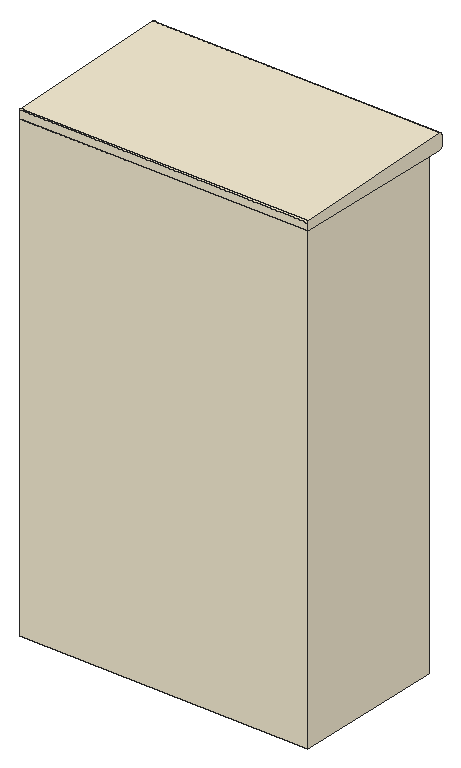
Revit family "Mailboxes_4C-Salsbury_Industries-Free_Standing-6_Door_High_Units", category Specialty Equipment, Revit 2016
Family settings
  Part Type = Normal
  Round Connector Dimension = Use Diameter
  OmniClass Number = 23.40.90.14.11
  OmniClass Title = Mail Boxes
  Work Plane-Based = No
  Always vertical = No
  Cut with Voids When Loaded = No
  Shared = No
  Room Calculation Point = No
Parameters (values of type "3906D-10")
  Width = 31.750"
  URL = "www.mailboxes.com"
  OmniClass 23 Title = "Mail Boxes"
  OmniClass 23 Number = "23.40.90.14.11"
  Visible Door Number [instance] = yes
  Vertical Center Divider = yes
  Version = "5.0 (01/01/21)"
  Type Comments = "Free-Standing 4C Standard Horizontal Mailbox - Front Loading"
  Top Back Plate = yes
  Right Inside Wall = yes
  Model = "3906D-10"
  MasterFormat Title = "Postal Specialties"
  MasterFormat Number = "10 55 00"
  Master Doors Open [instance] = 0.00°
  Master Door Rotation [instance] = if(Master Doors Open < 0.00°, 0.001°, if(Master Doors Open > 90.00°, 89.999°, if(Master Doors Open = 90.00°, 89.999°, Master Doors Open)))  # 0.00°
  Height = 52.875"
  Enclousre Opening - Width = 29.875"
  Enclosure Opening - Height = 22.62415"
  Door Rotation Limitation [instance] = if(Master Doors Open < 0.00°, 0.00°, if(Master Doors Open > 0.00°, 0.00°, Master Doors Open))  # 0.00°
  Manufacturer = "Salsbury Industries"
  Lock Material = Stainless Steel - Salsbury Finish -  Polished
  Left Inside Wall = yes
  Keynote = ""
  Front Panel Material [instance] = Painted Aluminum - Salsbury Finish - Sandstone
  Double Wide Hidden Components = yes
  Door Slot R6 Number [instance] = "10"
  Door Slot R6 = 3700 Series 4C Door Configurations : MB1 Door w/ Divider
  Door Slot R5 Number [instance] = "9"
  Door Slot R5 = 3700 Series 4C Door Configurations : MB1 Door w/ Divider
  Door Slot R4 Number [instance] = "0"
  Door Slot R4 = 3700 Series 4C OM2 Configuration : OM2-FL
  Door Slot R3 Number [instance] = "0"
  Door Slot R3 = 3700 Series 4C Door Configurations : Empty
  Door Slot R2 Number [instance] = "8"
  Door Slot R2 = 3700 Series 4C Door Configurations : MB1 Door w/ Divider
  Door Slot R1 Number [instance] = "7"
  Door Slot R1 = 3700 Series 4C Door Configurations : MB1 Door
  Door Slot L6 Number [instance] = "6"
  Door Slot L6 = 3700 Series 4C Door Configurations : MB1 Door w/ Divider
  Door Slot L5 Number [instance] = "5"
  Door Slot L5 = 3700 Series 4C Door Configurations : MB1 Door w/ Divider
  Door Slot L4 Number [instance] = "4"
  Door Slot L4 = 3700 Series 4C Door Configurations : MB1 Door w/ Divider
  Door Slot L3 Number [instance] = "3"
  Door Slot L3 = 3700 Series 4C Door Configurations : MB1 Door w/ Divider
  Door Slot L2 Number [instance] = "2"
  Door Slot L2 = 3700 Series 4C Door Configurations : MB1 Door w/ Divider
  Door Slot L1 Number [instance] = "1"
  Door Slot L1 = 3700 Series 4C Door Configurations : MB1 Door
  NoMasterDoors [instance] = no
  Master Door Control [instance] = if(NoMasterDoors, Door Rotation Limitation, Master Door Rotation)  # 0.00°
  Door Depth = 0.190"
  Description = "6 Door High Unit: 10 MB1, OM2"
  Depth = 18.500"
  4C Unit Depth = 16.450"
  Decals = Polycarbonate Film - Salsbury Finish - White
  Compartment Doors Open [instance] = 0.00°
  Compartment Door Rotation [instance] = if(Compartment Doors Open < 0.00°, 0.00°, if(Compartment Doors Open > 90.00°, 90.00°, Compartment Doors Open))  # 0.00°
  Center Extrusion Offset = 0.000"
  Center Divider Offset = 14.381"
  Bottom Back Plate = yes
  Back Enclosure Material = Aluminum Alloy - Salsbury Finish - Clear (No finish)
  Assembly Description = "Mailboxes"
  Assembly Code = "C1030910"
  AFF Top of Bottom Shelf [instance] = 29.000"
  AFF Bottom of Unit [instance] = AFF Top of Bottom Shelf - 2.059"  # 26.941"
  AFF Bottom of Doors [instance] = AFF Top of Bottom Shelf - 0.154"  # 28.846"
  4C Unit Width = 31.097"
  4C Unit Height = 23.88915"
Reference planes (in)
  plane 1 "Wall Centerline": y = -3
  plane 2 "Center (Left/Right)": x = 0
  plane 3 "Front": y = 0
  plane 4 "28" AFF": z = 28
  plane 5 "36" AFF": z = 36
  plane 6 "48" AFF": z = 48
  plane 7 "Bottom of Unit": z = 27.301
  plane 8 "Top of 4C Unit": z = 51.19015
  plane 9 "Left Side of Unit": x = 15.5485
  plane 10 "Right Side of Unit": x = -15.5485
  plane 11 "28" AFF_Bottom of Unit": z = 23.933
  plane 12 "Top Horiz Trim Align": z = 50.14554
  plane 13 "Bottom Horiz Trim Align": z = 28.34638
  plane 14 "Left Trim Align": x = 14.5035
  plane 15 "Right Trim Align": x = -14.5035
  plane 16 "Left Door Align": x = 13.6475
  plane 17 "Right Door Align": x = -13.6475
  plane 18 "Top Horiz Door Align": z = 49.596
  plane 19 "Bottom Horiz Door Align": z = 28.846
  plane 20 "Front Face of Unit": y = 0.265
  plane 21 "Top Housing Align": z = 50.43811
  plane 22 "Top Collar Align": z = 50.29011
  plane 23 "Top Box Align": z = 49.72124
  plane 24 "Vertical Housing Align": y = -1.205
  plane 25 "Vertical Collar Align": y = -2.205
  plane 26 "Back of 4C Unit": y = -16.185
  plane 27 "Bottom Housing Align": z = 28.05256
  plane 28 "Bottom Collar Align": z = 28.20056
  plane 29 "Bottom Box Align": z = 28.58138
  plane 30 "Door Alignment": y = -0.33191
  plane 31 "Right Housing Align": x = -14.79658
  plane 32 "Right Collar Align": x = -13.6475
  plane 33 "Right Box Side Align": x = -13.03558
  plane 34 "Left Housing Align": x = 14.79658
  plane 35 "Left Collar Align": x = 13.6475
  plane 36 "Left Side Box Align": x = 13.03558
  plane 37 "Top Back Plate Align": z = 48.97224
  plane 38 "Bottom Back Plate Align": z = 29.33038
  plane 39 "Center": y = -8.235
  plane 40 "RO Left Side": x = 14.9375
  plane 41 "RO Right Side": x = -14.9375
  plane 42 "RO Bottom": z = 27.934
  plane 43 "RO Top": z = 50.55815
  plane 44 "Horiz Centerline": z = 32.4705
  plane 45: z = 28.72038
  plane 46: x = 12.95458
  plane 47: x = 12.88233
  plane 48 "Center Extrusion": x = 0
  plane 49 "Center Extrusion Offset": x = 0
  plane 50 "Row 6 Top Align": z = 32.346
  plane 51 "Row 5 Top Align": z = 35.846
  plane 52 "Row 4 Top Align": z = 39.346
  plane 53 "Row 3 Top Align": z = 42.846
  plane 54 "Row 2 Top Align": z = 46.346
  plane 55 "Top Latch Align": z = 41.88315
  plane 56 "Right Latch Align": x = -0.7335
  plane 57 "Left Latch Align": x = 0.7335
  plane 58 "Latch Alignment Edge": x = -15.5485
  plane 59: x = -12.88258
  plane 60: x = -12.95458
  plane 61: y = -16.26703
  plane 62: x = -2.29612
  plane 63: x = -1.15702
  plane 64: x = 1.15617
  plane 65: x = 2.04167
  plane 66: y = -16.10297
  plane 67: x = -1.0775
  plane 68: x = 1.0775
  plane 69: z = 47.68524
  plane 70: z = 30.617
  plane 71: z = 49.76457
  plane 72: z = 28.77538
  plane 73: z = 49.82042
  plane 74: x = 1.11967
  plane 75: x = -1.12052
  plane 76: y = -1.126
  plane 77 "Back Center Divider": x = 0.7625
  plane 78: y = -6
  plane 79 "Single Column Unit Width": x = -6.70398
  plane 80 "Center Extrusion-right side": x = -1.077
  plane 81 "Center Extrusion-left side": x = 1.078
  plane 82 "Master Door Y Plane - Left": x = 14.32093
  plane 83 "Master Door X Plane": y = 0.07473
  plane 84 "Master Door Y Plane - Right": x = -14.3205
  plane 85 "Bottom Shelf AFF": z = 29
  plane 86: x = -15.8755
  plane 87: x = 15.8745
  plane 88 "Back of Enclosure": y = -16.735
  plane 89: x = -15.7945
  plane 90: x = 15.7935
  plane 91: y = -16.654
  plane 92: z = 51.11
  plane 93: z = 51.191
  plane 94: z = 0.081
  plane 95: z = 0
  plane 96 "Top of Unit": z = 52.875
  plane 97 "Front of Unit": y = 1.765
Forms (in)
  Extrusion 1, solid, material "Painted Aluminum - Salsbury Finish - Sandstone" <- "Front Panel Material"
    sketch origin (0, 0, -19.25) x (1, 0, 0) y (0, 0, 1)
      loop
        line (15.5485, 70.44015) -> (-15.5485, 70.44015) -> (-15.5485, 46.551) -> (15.5485, 46.551) -> (15.5485, 70.44015)
      loop
        line (14.5035, 69.39554) -> (-14.5035, 69.39554) -> (-14.5035, 47.59638) -> (14.5035, 47.59638) -> (14.5035, 69.39554)
    from -0.265 to 0
  Extrusion 2, solid, material "Painted Aluminum - Salsbury Finish - Sandstone" <- "Front Panel Material"
    sketch origin (-1.25, 0, 64.83475) x (1, 0, 0) y (0, 0, 1)
      loop
        line (-13.54658, -36.78219) -> (16.04658, -36.78219) -> (16.04658, -14.39664) -> (-13.54658, -14.39664) -> (-13.54658, -36.78219)
      loop
        line (-12.3975, -14.54464) -> (-12.3975, -36.63419) -> (14.8975, -36.63419) -> (14.8975, -14.54464) -> (-12.3975, -14.54464)
    from 0 to 1.205
  Extrusion 3, solid, material "Painted Aluminum - Salsbury Finish - Sandstone" <- "Front Panel Material"
    sketch origin (27.40758, -1.205, -36.66337) x (0, 0, 1) y (-1, 0, 0)
      loop
        line (64.86393, 41.05508) -> (64.86393, 13.76008) -> (86.95347, 13.76008) -> (86.95347, 41.05508) -> (64.86393, 41.05508)
      loop
        line (86.38461, 40.44316) -> (65.24475, 40.44316) -> (65.24475, 14.372) -> (86.38461, 14.372) -> (86.38461, 40.44316)
    from 0 to 1
  Extrusion 4, solid, material "Aluminum Alloy - Salsbury Finish - Clear (No finish)" <- "Back Enclosure Material"
    sketch origin (-1.83189, -1.205, -16.75) x (0, 0, 1) y (-1, 0, 0)
      loop
        line (66.47124, 11.20369) -> (45.33138, 11.20369) -> (45.33138, 11.12269) -> (66.47124, 11.12269) -> (66.47124, 11.20369)
    from 0 to 14.89797
  Extrusion 5, solid, material "Aluminum Alloy - Salsbury Finish - Clear (No finish)" <- "Back Enclosure Material", visible <- "Right Inside Wall"
    sketch origin (13.0175, -1.205, -16.75) x (0, 0, 1) y (-1, 0, 0)
      loop
        line (66.47124, 14.17452) -> (45.33138, 14.17452) -> (45.33138, 14.095) -> (66.47124, 14.095) -> (66.47124, 14.17452)
    from 0 to 14.89797
  Extrusion 6, solid, material "Aluminum Alloy - Salsbury Finish - Clear (No finish)" <- "Back Enclosure Material"
    sketch origin (1.79283, -1.205, -19.25) x (0, 0, 1) y (-1, 0, 0)
      loop
        line (68.97124, -11.24275) -> (68.97124, -11.16175) -> (47.83138, -11.16175) -> (47.83138, -11.24275) -> (68.97124, -11.24275)
    from 0 to 14.89797
  Extrusion 7, solid, material "Aluminum Alloy - Salsbury Finish - Clear (No finish)" <- "Back Enclosure Material", visible <- "Left Inside Wall"
    sketch origin (-11.7675, -1.205, -19.25) x (0, 0, 1) y (-1, 0, 0)
      loop
        line (68.97124, -12.92367) -> (68.97124, -12.845) -> (47.83138, -12.845) -> (47.83138, -12.92367) -> (68.97124, -12.92367)
    from 0 to 14.89797
  Extrusion 8, solid, material "Aluminum Alloy - Salsbury Finish - Clear (No finish)" <- "Back Enclosure Material"
    sketch origin (0, -16.185, -19.25) x (0, 0, 1) y (-1, 0, 0)
      loop
        line (68.97124, 13.03558) -> (47.83138, 13.03558) -> (47.83138, -13.03558) -> (68.97124, -13.03558) -> (68.97124, 13.03558)
    from -0.08203 to 0
  Extrusion 9, solid, material "Aluminum Alloy - Salsbury Finish - Clear (No finish)" <- "Back Enclosure Material"
    sketch origin (-2.5, 1.25, 0.0725) x (1, 0, 0) y (0, 1, 0)
      loop
        line (-10.45458, -2.455) -> (-10.45458, -17.35297) -> (15.45458, -17.35297) -> (15.45458, -2.455) -> (-10.45458, -2.455)
    from 28.64788 to 28.9275
  Extrusion 10, solid, material "Aluminum Alloy - Salsbury Finish - Clear (No finish)" <- "Back Enclosure Material", visible <- "Top Back Plate", detail levels medium+fine
    sketch origin (1.25, -16.185, -19.25) x (0, 0, 1) y (-1, 0, 0)
      loop
        line (68.22224, 3.54612) -> (66.93524, 3.54612) -> (66.93524, -0.79167) -> (68.22224, -0.79167) -> (68.22224, 3.54612)
    from 0 to 0.08203
  Extrusion 11, solid, material "Aluminum Alloy - Salsbury Finish - Clear (No finish)" <- "Back Enclosure Material", visible <- "Bottom Back Plate", detail levels medium+fine
    sketch origin (0, -16.185, 64.86475) x (0, 0, -1) y (1, 0, 0)
      loop
        line (35.53437, -2.29612) -> (35.53437, 2.04167) -> (34.24775, 2.04167) -> (34.24775, -2.29612) -> (35.53437, -2.29612)
    from 0 to 0.08203
  Extrusion 12, void
    sketch origin (0, 0, -16.5) x (0, 0, 1) y (0, 1, 0)
      loop
        line (66.22124, -1.205) -> (66.64554, -1.205) -> (66.64554, 0) -> (44.84638, 0) -> (44.84638, -1.205) -> (45.08138, -1.205) -> (45.08138, -16.185) -> (66.22124, -16.185) -> (66.22124, -1.205)
    from 1.077 to -1.078
  Extrusion 13, solid, material "Aluminum Alloy - Salsbury Finish - Clear (No finish)" <- "Back Enclosure Material", visible <- "Double Wide Hidden Components"
    sketch origin (-0.77934, 13.06, -16.75) x (0, 0, 1) y (1, 0, 0)
      loop
        line (66.47124, 1.93552) -> (45.33138, 1.93552) -> (45.33138, -0.37767) -> (66.47124, -0.37767) -> (66.47124, 1.93552)
    from -14.186 to -14.265
  Extrusion 14, solid, material "Aluminum Alloy - Salsbury Finish - Clear (No finish)" <- "Back Enclosure Material"
    sketch origin (1.25, 1.25, 54.19821) x (0, 1, 0) y (-1, 0, 0)
      loop
        line (-2.455, 14.20458) -> (-17.35297, 14.20458) -> (-17.35297, -11.70458) -> (-2.455, -11.70458) -> (-2.455, 14.20458)
    from -4.60221 to -4.47697
  Extrusion 15, solid, material "Painted Aluminum - Salsbury Finish - Sandstone" <- "Front Panel Material"
    sketch origin (0, -16.735, 0) x (1, 0, 0) y (0, 0, 1)
      loop
        line (15.8745, 51.191) -> (-15.8755, 51.191) -> (-15.8755, 0) -> (15.8745, 0) -> (15.8745, 51.191)
    from -16.735 to 0
  Extrusion 16, void
    sketch origin (0, -16.735, -19.25) x (1, 0, 0) y (0, 0, 1)
      loop
        line (15.5485, 70.44015) -> (-15.5485, 70.44015) -> (-15.5485, 46.551) -> (15.5485, 46.551) -> (15.5485, 70.44015)
    from -16.735 to -0.081
  Extrusion 17, solid, material "Painted Aluminum - Salsbury Finish - Sandstone" <- "Front Panel Material"
    sketch origin (-15.5485, 0, -16.75) x (0, 0, 1) y (0, 1, 0)
      loop
        line (67.941, 1.45465) -> (67.941, -16.735) -> (68.77894, -16.735)
        arc (68.77894, -16.735) -> (68.85645, -16.70289) -> (68.88856, -16.62537) r 0.10963
        line (68.88856, -16.62537) -> (69.625, 1.55035)
        arc (69.625, 1.55035) -> (69.51079, 1.70574) -> (69.32726, 1.765) r 0.31382
        line (69.32726, 1.765) -> (68.25135, 1.765)
        arc (68.25135, 1.765) -> (68.0319, 1.6741) -> (67.941, 1.45465) r 0.31035
    from -31.423 to 0.327
Cuts and joins
  Extrusion 12 cuts Extrusion 1
  Extrusion 12 cuts Extrusion 3
  Extrusion 12 cuts Extrusion 9
  Extrusion 12 cuts Extrusion 8
  Extrusion 12 cuts Extrusion 10
  Extrusion 12 cuts Extrusion 11
  Extrusion 12 cuts Extrusion 14
  Extrusion 16 cuts Extrusion 15
Lines and regions (in)
  model lines
    curve 1: line (15.5485, 0.265, 51.19015) -> (14.5035, 0.265, 50.14554)
    curve 2: line (-15.5485, 0.265, 51.19015) -> (-14.5035, 0.265, 50.14554)
    curve 3: line (-15.5485, 0.265, 27.301) -> (-14.5035, 0.265, 28.34638)
    curve 4: line (15.5485, 0.265, 27.301) -> (14.5035, 0.265, 28.34638)
  reference lines, not visible
    curve 5: line (13.6475, 0.07473, 27.301) -> (13.6475, 0.07473, 52.875)
    curve 12: line (14.32093, 0.07473, 27.301) -> (14.32093, 0.07473, 52.875)
    curve 13: line (14.32093, 0.07473, 27.301) -> (14.32093, -0.26698, 27.301)
    curve 14: line (14.32093, 0.07473, 27.301) -> (14.72347, 0.07473, 27.301)
  symbolic lines
    curve 6: line (-15.5485, 0.265, 28.846) -> (15.5485, 0.265, 28.846)
    curve 7: line (-15.5485, 0, 28.846) -> (-15.5485, 0.265, 28.846)
    curve 8: line (15.5485, 0.265, 28.846) -> (15.5485, 0, 28.846)
    curve 9: line (-13.6475, 0.265, 28.846) -> (-13.6475, 1.43, 28.846)
    curve 10: line (-13.6475, 1.43, 28.846) -> (-0.7335, 1.43, 28.846)
    curve 11: line (-0.7335, 1.43, 28.846) -> (-0.7335, 0.265, 28.846)
    curve 15: line (15.5485, -0.33191, 51.19015) -> (-15.5485, -0.33191, 51.19015)
    curve 16: line (15.5485, -0.33191, 27.301) -> (15.5485, -0.33191, 51.19015)
    curve 17: line (-15.5485, -0.33191, 27.301) -> (15.5485, -0.33191, 27.301)
    curve 18: line (-15.5485, -0.33191, 51.19015) -> (-15.5485, -0.33191, 27.301)
    curve 19: line (14.5035, -0.33191, 50.14554) -> (-14.5035, -0.33191, 50.14554)
    curve 20: line (14.5035, -0.33191, 28.34638) -> (14.5035, -0.33191, 50.14554)
    curve 21: line (-14.5035, -0.33191, 28.34638) -> (14.5035, -0.33191, 28.34638)
    curve 22: line (-14.5035, -0.33191, 50.14554) -> (-14.5035, -0.33191, 28.34638)
    curve 23: line (0, 0, 51.19015) -> (0, 0.265, 51.19015)
    curve 24: line (0, 0, 0) -> (0, 0, 51.19015)
    curve 25: line (0, 0.265, 27.301) -> (0, 0, 27.301)
    curve 26: line (0, 0.265, 51.19015) -> (0, 0.265, 27.301)
    curve 31: line (15.8745, -16.735, 51.191) -> (-15.8755, -16.735, 51.191)
    curve 32: line (15.8745, -16.735, 0) -> (15.8745, -16.735, 52.875)
    curve 33: line (-15.8755, -16.735, 0) -> (15.8745, -16.735, 0)
    curve 34: line (-15.8755, -16.735, 52.875) -> (-15.8755, -16.735, 0)
    curve 35: line (15.8745, 1.765, 51.19015) -> (-15.8755, 1.765, 51.19015)
    curve 36: line (15.8745, -16.735, 51.19015) -> (15.8745, 1.765, 51.19015)
    curve 37: line (-15.8755, 1.765, 51.19015) -> (-15.8755, -16.735, 51.19015)
    curve 38: line (-15.8755, -16.735, 51.19015) -> (15.8745, -16.735, 51.19015)
    curve 39: line (-13.6475, 1.45465, 51.191) -> (-13.6475, -16.735, 51.191)
    curve 40: line (-13.6475, -16.735, 52.07866) -> (-13.6475, -16.735, 0)
    curve 41: line (-13.6475, -16.735, 0) -> (-13.6475, 0, 0)
    curve 42: line (-15.8755, -16.735, 52.875) -> (15.8745, -16.735, 52.875)
    curve 43: arc (-14.5035, 1.765, 51.50135) -> (-14.5035, 1.6741, 51.2819) -> (-14.5035, 1.45465, 51.191) r 0.31035
    curve 44: line (-14.5035, 1.765, 51.50135) -> (-14.5035, 1.765, 52.57726)
    curve 45: arc (-14.5035, 1.55035, 52.875) -> (-14.5035, 1.70574, 52.76079) -> (-14.5035, 1.765, 52.57726) r 0.31382
    curve 46: line (-14.5035, 1.55035, 52.875) -> (-14.5035, -16.63424, 52.1382)
    curve 47: arc (-14.5035, -16.735, 52.02894) -> (-14.5035, -16.70597, 52.10325) -> (-14.5035, -16.63424, 52.1382) r 0.10963
  reference lines
    curve 27: line (-14.3205, 0.07473, 27.301) -> (-14.69923, 0.07473, 27.301)
    curve 28: line (-14.3205, 0.07473, 27.301) -> (-14.3205, -0.30114, 27.301)
    curve 29: line (-14.3205, 0.07473, 52.875) -> (-14.3205, 0.07473, 27.301)
    curve 30: line (-13.6475, 0.07473, 52.875) -> (-13.6475, 0.07473, 27.301)
Text (in)
  text "Placement Side" at (0, 40.15149, 123.01588), in view "Right"
  text "Placement Side" at (-58.6842, 42.74981, 0), in view "Ref. Level"
  text "Placement Side" at (0, 47.49176, 140.59947), in view "Left"
Dimensions and locks (in)
  "AFF Bottom of Doors": level to plane 19 "Bottom Horiz Door Align"
  locked: level to plane 4 "28" AFF" at 28
  locked: level to plane 5 "36" AFF" at 36
  locked: level to plane 6 "48" AFF" at 48
  locked: plane 7 "Bottom of Unit" to plane 19 "Bottom Horiz Door Align" at 1.545
  "4C Unit Height": plane 7 "Bottom of Unit" to plane 8 "Top of 4C Unit"
  plane 11 "28" AFF_Bottom of Unit" to plane 4 "28" AFF" = 4.067"
  locked: plane 18 "Top Horiz Door Align" to plane 12 "Top Horiz Trim Align" at 0.54954
  plane 4 "28" AFF" to level = 28.000"
  plane 5 "36" AFF" to level = 36.000"
  plane 6 "48" AFF" to level = 48.000"
  locked: plane 8 "Top of 4C Unit" to plane 23 "Top Box Align" at 1.46891
  locked: plane 23 "Top Box Align" to plane 37 "Top Back Plate Align" at 0.749
  locked: plane 38 "Bottom Back Plate Align" to plane 29 "Bottom Box Align" at 0.749
  locked: plane 7 "Bottom of Unit" to plane 42 "RO Bottom" at 0.633
  Extrusion 4 to Extrusion 4 = 0.081"
  Extrusion 6 to Extrusion 6 = 0.081"
  locked: plane 46 to plane 36 "Left Side Box Align" at 0.081
  locked: plane 47 to plane 46 at 0.07225
  "Center Extrusion Offset": plane 48 "Center Extrusion" to plane 49 "Center Extrusion Offset"
  plane 19 "Bottom Horiz Door Align" to plane 50 "Row 6 Top Align" to plane 51 "Row 5 Top Align" to plane 52 "Row 4 Top Align" to plane 53 "Row 3 Top Align" to plane 54 "Row 2 Top Align" = 3.500", 3.500" locked, 3.500" locked, 3.500" locked, 3.500" locked
  locked: plane 23 "Top Box Align" to plane 55 "Top Latch Align" at 7.83809
  plane 33 "Right Box Side Align" to plane 60 to plane 59 = 0.081" locked, 0.072" locked
  plane 61 to plane 26 "Back of 4C Unit" = 0.08203"
  plane 26 "Back of 4C Unit" to plane 66 = 0.08203"
  plane 62 to plane 63 to plane 75 to plane 67 = 1.1391", 0.0365" locked, 0.04302" locked
  plane 68 to plane 74 to plane 64 to plane 65 = 0.04217" locked, 0.0365" locked, 0.8855"
  locked: plane 37 "Top Back Plate Align" to plane 69 at 1.287
  locked: plane 70 to plane 38 "Bottom Back Plate Align" at 1.28662
  plane 23 "Top Box Align" to plane 71 = 0.04334"
  plane 20 "Front Face of Unit" to plane 30 "Door Alignment" to plane 24 "Vertical Housing Align" to plane 25 "Vertical Collar Align" = 0.59691" locked, 0.87309" locked, 1.000" locked
  "4C Unit Depth": plane 20 "Front Face of Unit" to plane 26 "Back of 4C Unit"
  locked: plane 27 "Bottom Housing Align" to plane 7 "Bottom of Unit" at 0.75156
  locked: plane 12 "Top Horiz Trim Align" to plane 8 "Top of 4C Unit" at 1.04462
  locked: plane 7 "Bottom of Unit" to plane 13 "Bottom Horiz Trim Align" at 1.04538
  "Enclosure Opening - Height": plane 42 "RO Bottom" to plane 43 "RO Top"
  plane 57 "Left Latch Align" to plane 16 "Left Door Align" = 12.914"
  plane 67 to plane 68 = 2.155"
  plane 56 "Right Latch Align" to plane 2 "Center (Left/Right)" to plane 57 "Left Latch Align" = 0.7335", 0.7335"
  locked: plane 56 "Right Latch Align" to plane 57 "Left Latch Align" at 1.467
  locked: plane 24 "Vertical Housing Align" to plane 76 at 0.079
  plane 63 to plane 64 = 2.31319"
  plane 57 "Left Latch Align" to plane 77 "Back Center Divider" = 0.029"
  plane 9 "Left Side of Unit" to plane 34 "Left Housing Align" to plane 14 "Left Trim Align" to plane 16 "Left Door Align" to plane 35 "Left Collar Align" to plane 36 "Left Side Box Align" = 0.75192" locked, 0.29308" locked, 0.856" locked, 0.000", 0.61192"
  plane 33 "Right Box Side Align" to plane 32 "Right Collar Align" to plane 17 "Right Door Align" to plane 15 "Right Trim Align" to plane 31 "Right Housing Align" to plane 10 "Right Side of Unit" = 0.61192", 0.000", 0.856" locked, 0.29308" locked, 0.75192" locked
  "Enclousre Opening - Width": plane 41 "RO Right Side" to plane 40 "RO Left Side"
  "4C Unit Width": plane 10 "Right Side of Unit" to plane 9 "Left Side of Unit"
  plane 80 "Center Extrusion-right side" to plane 49 "Center Extrusion Offset" to plane 81 "Center Extrusion-left side" = 1.077" locked, 1.078" locked
  "Center Extrusion Offset": plane 49 "Center Extrusion Offset" to plane 2 "Center (Left/Right)"
  "Center Divider Offset": plane 56 "Right Latch Align" to plane 16 "Left Door Align"
  locked: plane 20 "Front Face of Unit" to plane 83 "Master Door X Plane" at 0.19027
  locked: plane 82 "Master Door Y Plane - Left" to plane 9 "Left Side of Unit" at 1.22757
  locked: plane 10 "Right Side of Unit" to plane 84 "Master Door Y Plane - Right" at 1.228
  locked: curve 13 to nested 13 at 0.18257
  nested 13 to curve 14 = 0.19027"
  locked: curve 14 to curve 5 at 0.67343
  locked: curve 14 to nested 7 at 0.19027
  locked: curve 14 to nested 8 at 0.19
  locked: curve 14 to nested 9 at 0.19
  locked: curve 14 to nested 10 at 0.19
  locked: curve 14 to nested 11 at 0.19
  locked: curve 14 to nested 12 at 0.19
  locked: curve 13 to nested 7 at 0.6727
  locked: curve 13 to nested 8 at 0.6727
  locked: curve 13 to nested 9 at 0.6727
  locked: curve 13 to nested 10 at 0.6727
  locked: curve 13 to nested 11 at 0.6727
  locked: curve 13 to nested 12 at 0.6727
  locked: nested 15 to curve 13 at 13.55843
  locked: nested 15 to curve 14 at 0.40663
  locked: nested 16 to curve 13 at 0.67343
  locked: curve 14 to nested 16 at 0.19027
  locked: nested 18 to curve 13 at 0.67343
  locked: curve 14 to nested 18 at 0.19027
  locked: curve 29 to curve 30 at 0.673
  locked: nested 20 to curve 27 at 0.19027
  locked: curve 28 to nested 19 at 0.673
  locked: curve 27 to nested 19 at 0.19
  locked: nested 20 to curve 28 at 0.183
  locked: curve 27 to nested 17 at 0.19
  locked: curve 28 to nested 17 at 0.673
  locked: curve 28 to nested 1 at 0.673
  locked: curve 28 to nested 2 at 0.673
  locked: curve 28 to nested 3 at 0.673
  locked: curve 28 to nested 4 at 0.673
  locked: curve 28 to nested 5 at 0.673
  locked: curve 28 to nested 6 at 0.673
  locked: curve 27 to nested 1 at 0.19
  locked: curve 27 to nested 2 at 0.19
  locked: curve 27 to nested 3 at 0.19
  locked: curve 27 to nested 4 at 0.19
  locked: curve 27 to nested 5 at 0.19
  locked: nested 14 to curve 27 at 0.05777
  locked: curve 28 to nested 14 at 14.3205
  locked: curve 27 to nested 6 at 0.407
  locked: plane 17 "Right Door Align" to curve 11 at 12.914
  plane 22 "Top Collar Align" to plane 21 "Top Housing Align" to plane 43 "RO Top" = 0.148" locked, 0.12005" locked
  locked: plane 27 "Bottom Housing Align" to plane 28 "Bottom Collar Align" at 0.148
  locked: plane 29 "Bottom Box Align" to plane 7 "Bottom of Unit" at 1.28038
  plane 29 "Bottom Box Align" to plane 45 to plane 72 = 0.139" locked, 0.055" locked
  level to nested 7 = 47.749"
  "AFF Top of Bottom Shelf": level to plane 85 "Bottom Shelf AFF"
  locked: plane 86 to plane 89 at 0.081
  locked: plane 90 to plane 87 at 0.081
  locked: plane 88 "Back of Enclosure" to plane 91 at 0.081
  locked: plane 95 to plane 94 at 0.081
  locked: plane 92 to plane 93 at 0.081
  "Width": plane 87 to plane 86
  equal spacing: plane 88 "Back of Enclosure", plane 39 "Center", plane 20 "Front Face of Unit"
  "Depth": plane 88 "Back of Enclosure" to plane 97 "Front of Unit"
  plane 95 to plane 44 "Horiz Centerline" to plane 93 = 32.4705", 18.7205"
  "Height": plane 95 to plane 96 "Top of Unit"
  locked: plane 86 to plane 10 "Right Side of Unit" at 0.327
  locked: curve 13 to curve 14 (angle 90.00°)
  "Master Door Control": angle curve 14 to plane 83 "Master Door X Plane"
  locked: curve 27 to curve 28 (angle 90.00°)
  "Master Door Control": angle plane 83 "Master Door X Plane" to curve 27
  aligned and locked: plane 7 "Bottom of Unit" to Extrusion 1 sketch curve
  aligned and locked: plane 9 "Left Side of Unit" to Extrusion 1 sketch curve
  aligned and locked: Extrusion 1 sketch curve to plane 10 "Right Side of Unit"
  aligned and locked: Extrusion 1 sketch curve to plane 8 "Top of 4C Unit"
  aligned and locked: plane 20 "Front Face of Unit" to Extrusion 1
  aligned and locked: plane 33 "Right Box Side Align" to Extrusion 8 sketch curve
  aligned and locked: Extrusion 8 sketch curve to plane 36 "Left Side Box Align"
  aligned and locked: plane 29 "Bottom Box Align" to Extrusion 8 sketch curve
  aligned and locked: plane 24 "Vertical Housing Align" to Extrusion 9 sketch curve
  aligned and locked: Extrusion 9 sketch curve to plane 46
  aligned and locked: plane 10 "Right Side of Unit" to plane 58 "Latch Alignment Edge"
  aligned and locked: plane 20 "Front Face of Unit" to cut or joined group of Extrusion 1, Extrusion 12
  aligned and locked: plane 3 "Front" to cut or joined group of Extrusion 1, Extrusion 12
  aligned and locked: plane 25 "Vertical Collar Align" to cut or joined group of Extrusion 3, Extrusion 12
  aligned and locked: cut or joined group of Extrusion 3, Extrusion 12 to plane 32 "Right Collar Align"
  aligned and locked: cut or joined group of Extrusion 3, Extrusion 12 to plane 24 "Vertical Housing Align"
  aligned and locked: plane 35 "Left Collar Align" to cut or joined group of Extrusion 3, Extrusion 12
  aligned and locked: plane 36 "Left Side Box Align" to Extrusion 6
  aligned and locked: Extrusion 6 to plane 46  (x2)
  aligned and locked: plane 26 "Back of 4C Unit" to cut or joined group of Extrusion 8, Extrusion 12
  aligned and locked: Extrusion 4 to plane 33 "Right Box Side Align"
  aligned and locked: plane 36 "Left Side Box Align" to cut or joined group of Extrusion 8, Extrusion 12
  aligned and locked: Extrusion 4 to plane 60
  aligned and locked: plane 61 to cut or joined group of Extrusion 10, Extrusion 12
  aligned and locked: plane 61 to cut or joined group of Extrusion 11, Extrusion 12
  aligned and locked: cut or joined group of Extrusion 10, Extrusion 12 to plane 26 "Back of 4C Unit"
  aligned and locked: cut or joined group of Extrusion 11, Extrusion 12 to plane 26 "Back of 4C Unit"
  aligned and locked: plane 64 to Extrusion 7
  aligned and locked: Extrusion 5 to plane 63
  aligned and locked: plane 65 to cut or joined group of Extrusion 10, Extrusion 12
  aligned and locked: plane 62 to cut or joined group of Extrusion 10, Extrusion 12  (x2)
  aligned and locked: plane 62 to cut or joined group of Extrusion 11, Extrusion 12  (x2)
  aligned and locked: cut or joined group of Extrusion 11, Extrusion 12 to plane 65  (x2)
  aligned and locked: plane 66 to cut or joined group of Extrusion 8, Extrusion 12
  aligned and locked: Extrusion 6 to plane 24 "Vertical Housing Align"
  aligned and locked: Extrusion 7 to plane 24 "Vertical Housing Align"
  aligned and locked: Extrusion 5 to plane 24 "Vertical Housing Align"
  aligned and locked: Extrusion 4 to plane 24 "Vertical Housing Align"
  aligned and locked: plane 66 to Extrusion 6
  aligned and locked: plane 66 to Extrusion 7
  aligned and locked: plane 66 to Extrusion 5
  aligned and locked: plane 66 to Extrusion 4
  aligned and locked: plane 26 "Back of 4C Unit" to Extrusion 12
  aligned and locked: cut or joined group of Extrusion 3, Extrusion 12 to plane 28 "Bottom Collar Align"
  aligned and locked: plane 22 "Top Collar Align" to cut or joined group of Extrusion 3, Extrusion 12
  aligned and locked: plane 9 "Left Side of Unit" to curve 1
  aligned and locked: plane 8 "Top of 4C Unit" to curve 1
  aligned and locked: plane 14 "Left Trim Align" to curve 1
  aligned and locked: plane 12 "Top Horiz Trim Align" to curve 1
  aligned and locked: plane 10 "Right Side of Unit" to curve 2
  aligned and locked: plane 8 "Top of 4C Unit" to curve 2
  aligned and locked: plane 15 "Right Trim Align" to curve 2
  aligned and locked: plane 12 "Top Horiz Trim Align" to curve 2
  aligned and locked: plane 7 "Bottom of Unit" to curve 4
  aligned and locked: plane 14 "Left Trim Align" to curve 4
  aligned and locked: plane 13 "Bottom Horiz Trim Align" to curve 4
  aligned and locked: plane 7 "Bottom of Unit" to curve 3
  aligned and locked: plane 10 "Right Side of Unit" to curve 3
  aligned and locked: plane 15 "Right Trim Align" to curve 3
  aligned and locked: plane 13 "Bottom Horiz Trim Align" to curve 3
  aligned and locked: cut or joined group of Extrusion 10, Extrusion 12 to plane 65
  aligned and locked: cut or joined group of Extrusion 11, Extrusion 12 to plane 38 "Bottom Back Plate Align"
  aligned and locked: plane 70 to cut or joined group of Extrusion 11, Extrusion 12
  aligned and locked: plane 23 "Top Box Align" to Extrusion 4
  aligned and locked: Extrusion 4 to plane 29 "Bottom Box Align"
  aligned and locked: plane 23 "Top Box Align" to Extrusion 5
  aligned and locked: Extrusion 5 to plane 29 "Bottom Box Align"
  aligned and locked: Extrusion 7 to plane 29 "Bottom Box Align"
  aligned and locked: plane 23 "Top Box Align" to Extrusion 7
  aligned and locked: Extrusion 6 to plane 29 "Bottom Box Align"
  aligned and locked: plane 66 to cut or joined group of Extrusion 9, Extrusion 12
  aligned and locked: cut or joined group of Extrusion 9, Extrusion 12 to plane 60
  aligned and locked: plane 52 "Row 4 Top Align" to nested 9
  aligned and locked: Extrusion 3 to plane 23 "Top Box Align"
  aligned and locked: Extrusion 3 to plane 36 "Left Side Box Align"
  aligned and locked: plane 33 "Right Box Side Align" to Extrusion 3
  aligned and locked: Extrusion 2 sketch curve to plane 28 "Bottom Collar Align"
  aligned and locked: plane 27 "Bottom Housing Align" to Extrusion 2 sketch curve
  aligned and locked: plane 22 "Top Collar Align" to Extrusion 2 sketch curve
  aligned and locked: Extrusion 2 sketch curve to plane 21 "Top Housing Align"
  aligned and locked: plane 23 "Top Box Align" to Extrusion 6
  aligned and locked: plane 23 "Top Box Align" to Extrusion 8
  aligned and locked: Extrusion 12 sketch curve to plane 23 "Top Box Align"
  aligned and locked: plane 24 "Vertical Housing Align" to Extrusion 12 sketch curve  (x2)
  aligned and locked: Extrusion 12 sketch curve to plane 13 "Bottom Horiz Trim Align"
  aligned and locked: Extrusion 12 sketch curve to plane 26 "Back of 4C Unit"
  aligned and locked: cut or joined group of Extrusion 9, Extrusion 12 to plane 45
  aligned and locked: plane 29 "Bottom Box Align" to Extrusion 12 sketch curve
  aligned and locked: plane 12 "Top Horiz Trim Align" to Extrusion 12 sketch curve
  aligned and locked: Extrusion 5 to plane 67
  aligned and locked: plane 68 to Extrusion 7
  aligned and locked: plane 52 "Row 4 Top Align" to nested 3
  aligned and locked: plane 53 "Row 3 Top Align" to nested 2
  aligned and locked: plane 54 "Row 2 Top Align" to nested 1
  aligned and locked: plane 53 "Row 3 Top Align" to nested 8
  aligned and locked: plane 64 to Extrusion 13
  aligned and locked: Extrusion 13 to plane 63
  aligned and locked: plane 24 "Vertical Housing Align" to Extrusion 13
  aligned and locked: Extrusion 13 to plane 76
  aligned and locked: cut or joined group of Extrusion 1, Extrusion 12 to Extrusion 12 sketch curve
  aligned and locked: plane 46 to Extrusion 14
  aligned and locked: Extrusion 14 to plane 60
  aligned and locked: plane 66 to Extrusion 14
  aligned and locked: Extrusion 14 to plane 24 "Vertical Housing Align"
  aligned and locked: plane 23 "Top Box Align" to Extrusion 14
  aligned and locked: Extrusion 14 to plane 18 "Top Horiz Door Align"
  aligned and locked: cut or joined group of Extrusion 12, Extrusion 14 to plane 81 "Center Extrusion-left side"
  aligned and locked: plane 80 "Center Extrusion-right side" to cut or joined group of Extrusion 9, Extrusion 12
  aligned and locked: plane 83 "Master Door X Plane" to curve 13
  aligned and locked: plane 82 "Master Door Y Plane - Left" to curve 12
  aligned and locked: plane 54 "Row 2 Top Align" to nested 7
  aligned and locked: plane 51 "Row 5 Top Align" to nested 10
  aligned and locked: plane 50 "Row 6 Top Align" to nested 11
  aligned and locked: nested 13 to plane 13 "Bottom Horiz Trim Align"
  aligned and locked: plane 13 "Bottom Horiz Trim Align" to nested 20
  aligned and locked: nested 15 to plane 13 "Bottom Horiz Trim Align"
  aligned and locked: nested 14 to plane 13 "Bottom Horiz Trim Align"
  aligned and locked: nested 16 to plane 13 "Bottom Horiz Trim Align"
  aligned and locked: plane 13 "Bottom Horiz Trim Align" to nested 17
  aligned and locked: nested 18 to plane 12 "Top Horiz Trim Align"
  aligned and locked: plane 12 "Top Horiz Trim Align" to nested 19
  aligned and locked: plane 23 "Top Box Align" to Extrusion 13
  aligned and locked: Extrusion 13 to plane 29 "Bottom Box Align"
  aligned and locked: plane 7 "Bottom of Unit" to curve 17
  aligned and locked: curve 18 to plane 10 "Right Side of Unit"
  aligned and locked: plane 9 "Left Side of Unit" to curve 16
  aligned and locked: curve 15 to plane 8 "Top of 4C Unit"
  aligned and locked: plane 13 "Bottom Horiz Trim Align" to curve 21
  aligned and locked: plane 15 "Right Trim Align" to curve 22
  aligned and locked: plane 14 "Left Trim Align" to curve 20
  aligned and locked: curve 19 to plane 12 "Top Horiz Trim Align"
  aligned and locked: curve 26 to plane 20 "Front Face of Unit"
  aligned and locked: plane 7 "Bottom of Unit" to curve 25
  aligned and locked: curve 24 to plane 3 "Front"
  aligned and locked: curve 23 to plane 8 "Top of 4C Unit"
  aligned and locked: plane 84 "Master Door Y Plane - Right" to curve 27
  aligned and locked: plane 83 "Master Door X Plane" to curve 27
  aligned and locked: plane 17 "Right Door Align" to curve 9
  aligned and locked: Extrusion 10 to plane 37 "Top Back Plate Align"
  aligned and locked: plane 69 to cut or joined group of Extrusion 10, Extrusion 12
  aligned and locked: Extrusion 3 sketch curve to plane 22 "Top Collar Align"
  aligned and locked: Extrusion 3 sketch curve to plane 23 "Top Box Align"
  aligned and locked: plane 28 "Bottom Collar Align" to Extrusion 3 sketch curve
  aligned and locked: plane 29 "Bottom Box Align" to Extrusion 3 sketch curve
  aligned and locked: plane 85 "Bottom Shelf AFF" to cut or joined group of Extrusion 9, Extrusion 12
  aligned and locked: Extrusion 15 sketch curve to plane 93
  aligned and locked: plane 87 to Extrusion 15 sketch curve
  aligned and locked: plane 95 to Extrusion 15 sketch curve
  aligned and locked: Extrusion 15 sketch curve to plane 86
  aligned and locked: plane 88 "Back of Enclosure" to Extrusion 15
  aligned and locked: Extrusion 15 to plane 3 "Front"
  aligned and locked: plane 91 to Extrusion 16
  aligned and locked: Extrusion 16 to plane 3 "Front"
  aligned and locked: Extrusion 16 sketch curve to plane 8 "Top of 4C Unit"
  aligned and locked: plane 9 "Left Side of Unit" to Extrusion 16 sketch curve
  aligned and locked: plane 7 "Bottom of Unit" to Extrusion 16 sketch curve
  aligned and locked: Extrusion 16 sketch curve to plane 58 "Latch Alignment Edge"
  aligned and locked: curve 31 to cut or joined group of Extrusion 15, Extrusion 16
  aligned and locked: curve 32 to cut or joined group of Extrusion 15, Extrusion 16
  aligned and locked: curve 33 to cut or joined group of Extrusion 15, Extrusion 16
  aligned and locked: curve 34 to cut or joined group of Extrusion 15, Extrusion 16
  aligned and locked: curve 36 to cut or joined group of Extrusion 15, Extrusion 16
  aligned and locked: curve 37 to cut or joined group of Extrusion 15, Extrusion 16
  aligned and locked: curve 38 to cut or joined group of Extrusion 15, Extrusion 16
  aligned and locked: curve 39 to cut or joined group of Extrusion 15, Extrusion 16
  aligned and locked: curve 40 to cut or joined group of Extrusion 15, Extrusion 16
  aligned and locked: curve 41 to cut or joined group of Extrusion 15, Extrusion 16
  aligned and locked: Extrusion 17 to plane 86
  aligned and locked: plane 87 to Extrusion 17
  aligned and locked: plane 88 "Back of Enclosure" to Extrusion 17
  aligned and locked: plane 97 "Front of Unit" to Extrusion 17
  aligned and locked: plane 93 to Extrusion 17
  aligned and locked: plane 96 "Top of Unit" to Extrusion 17 sketch curve
  aligned and locked: curve 42 to Extrusion 17
  aligned and locked: curve 35 to plane 97 "Front of Unit"
  aligned and locked: curve 43 to Extrusion 17
  aligned and locked: curve 45 to Extrusion 17
  aligned and locked: curve 46 to Extrusion 17
  aligned and locked: curve 47 to Extrusion 17
  aligned and locked: Extrusion 1 sketch curve to curve 19
  aligned and locked: Extrusion 1 sketch curve to curve 20
  aligned and locked: Extrusion 1 sketch curve to curve 21
  aligned and locked: Extrusion 1 sketch curve to curve 22
  aligned and locked: Extrusion 2 sketch curve to plane 17 "Right Door Align"
  aligned and locked: Extrusion 2 sketch curve to plane 16 "Left Door Align"
  aligned and locked: plane 17 "Right Door Align" to Extrusion 3 sketch curve
  aligned and locked: plane 16 "Left Door Align" to Extrusion 3 sketch curve
  aligned and locked: plane 19 "Bottom Horiz Door Align" to nested 12
  aligned and locked: plane 19 "Bottom Horiz Door Align" to nested 5
  aligned and locked: plane 50 "Row 6 Top Align" to nested 4
  aligned and locked: plane 51 "Row 5 Top Align" to nested 6
Automatic sketch dimensions
  plane 9 "Left Side of Unit" to curve 4 = 0.000"
  plane 31 "Right Housing Align" to Extrusion 2 sketch curve = 0.000"
  plane 34 "Left Housing Align" to Extrusion 2 sketch curve = 0.000"
  Extrusion 3 sketch curve to plane 33 "Right Box Side Align" = 0.000"
  Extrusion 3 sketch curve to plane 36 "Left Side Box Align" = 0.000"
  plane 29 "Bottom Box Align" to Extrusion 4 sketch curve = 0.000"
  plane 23 "Top Box Align" to Extrusion 4 sketch curve = 0.000"
  plane 60 to Extrusion 4 sketch curve = 0.000"
  Extrusion 4 sketch curve to plane 33 "Right Box Side Align" = 0.000"
  plane 29 "Bottom Box Align" to Extrusion 5 sketch curve = 0.000"
  plane 23 "Top Box Align" to Extrusion 5 sketch curve = 0.000"
  Extrusion 5 sketch curve to plane 67 = 0.000"
  Extrusion 5 sketch curve to plane 63 = 0.000"
  plane 29 "Bottom Box Align" to Extrusion 6 sketch curve = 0.000"
  Extrusion 6 sketch curve to plane 23 "Top Box Align" = 0.000"
  Extrusion 6 sketch curve to plane 46 = 0.000"
  Extrusion 6 sketch curve to plane 36 "Left Side Box Align" = 0.000"
  Extrusion 7 sketch curve to plane 29 "Bottom Box Align" = 0.000"
  Extrusion 7 sketch curve to plane 23 "Top Box Align" = 0.000"
  plane 68 to Extrusion 7 sketch curve = 0.000"
  plane 64 to Extrusion 7 sketch curve = 0.000"
  Extrusion 8 sketch curve to plane 23 "Top Box Align" = 0.000"
  plane 60 to Extrusion 9 sketch curve = 0.000"
  Extrusion 9 sketch curve to plane 66 = 0.000"
  Extrusion 10 sketch curve to plane 62 = 0.000"
  Extrusion 10 sketch curve to plane 69 = 0.000"
  Extrusion 10 sketch curve to plane 65 = 0.000"
  Extrusion 10 sketch curve to plane 18 "Top Horiz Door Align" = 0.62376"
  plane 62 to Extrusion 11 sketch curve = 0.000"
  Extrusion 11 sketch curve to plane 70 = 0.000"
  plane 38 "Bottom Back Plate Align" to Extrusion 11 sketch curve = 0.000"
  plane 65 to Extrusion 11 sketch curve = 0.000"
  curve 6 to plane 20 "Front Face of Unit" = 0.000"
  plane 20 "Front Face of Unit" to curve 10 = 1.165"
  plane 29 "Bottom Box Align" to Extrusion 13 sketch curve = 0.000"
  plane 23 "Top Box Align" to Extrusion 13 sketch curve = 0.000"
  plane 63 to Extrusion 13 sketch curve = 0.000"
  plane 64 to Extrusion 13 sketch curve = 0.000"
  Extrusion 14 sketch curve to plane 60 = 0.000"
  Extrusion 14 sketch curve to plane 66 = 0.000"
  Extrusion 14 sketch curve to plane 24 "Vertical Housing Align" = 0.000"
  plane 46 to Extrusion 14 sketch curve = 0.000"
  curve 29 to curve 28 = 0.000"  (x2)
  curve 29 to curve 28 = 25.574"
  curve 30 to curve 27 = 25.574"
  curve 30 to curve 27 = 0.673"
  curve 30 to curve 27 = 0.000"
  curve 5 to curve 14 = 25.574"
  curve 5 to curve 14 = 0.67343"
  curve 5 to curve 14 = 0.000"
  curve 14 to plane 82 "Master Door Y Plane - Left" = 0.000"
  curve 12 to curve 13 = 0.000"  (x2)
  curve 13 to curve 12 = 25.574"
  curve 7 to plane 10 "Right Side of Unit" = 0.000"
  curve 6 to plane 9 "Left Side of Unit" = 0.000"
  plane 3 "Front" to curve 7 = 0.000"
  plane 3 "Front" to curve 8 = 0.000"
  plane 95 to curve 24 = 0.000"
  curve 41 to plane 3 "Front" = 0.000"
  curve 40 to plane 96 "Top of Unit" = 0.79634"
  plane 97 "Front of Unit" to curve 39 = 0.31035"
  plane 8 "Top of 4C Unit" to Extrusion 17 sketch curve = 0.00085"
  Extrusion 17 sketch curve to plane 97 "Front of Unit" = 0.000"
  Extrusion 17 sketch curve to plane 88 "Back of Enclosure" = 0.000"
  Extrusion 17 sketch curve to Extrusion 17 sketch curve = 0.31035"
  Extrusion 17 sketch curve to Extrusion 17 sketch curve = 0.83794"
  Extrusion 17 sketch curve to plane 96 "Top of Unit" = 0.29774"
  Extrusion 17 sketch curve to Extrusion 17 sketch curve = 0.31382"
  Extrusion 17 sketch curve to plane 91 = 0.02863"
Nested families (in)
  nested 1: "3700 Series 4C Door Configurations" at (-7.205, -0.20327, 46.346) x (-1, 0, 0) z (0, 0, 1), type <- "Door Slot R1", Door Number <- "Door Slot R1 Number", type "MB1 Door"
    with Door Number "7"
  nested 2: "3700 Series 4C Door Configurations" at (-7.205, -0.20327, 42.846) x (-1, 0, 0) z (0, 0, 1), type <- "Door Slot R2", Door Number <- "Door Slot R2 Number", type "MB1 Door w/ Divider"
    with Door Number "8"
  nested 3: "3700 Series 4C Door Configurations" at (-7.205, -0.20327, 39.346) x (-1, 0, 0) z (0, 0, 1), type <- "Door Slot R3", Door Number <- "Door Slot R3 Number", type "Empty"
    with Door Number "0"
  nested 4: "3700 Series 4C Door Configurations" at (-7.205, -0.20327, 32.346) x (-1, 0, 0) z (0, 0, 1), Door Number <- "Door Slot R5 Number", type <- "Door Slot R5", type "MB1 Door w/ Divider"
    with Door Number "9"
  nested 5: "3700 Series 4C Door Configurations" at (-7.205, -0.20327, 28.846) x (-1, 0, 0) z (0, 0, 1), Door Number <- "Door Slot R6 Number", type <- "Door Slot R6", type "MB1 Door w/ Divider"
    with Door Number "10"
  nested 6: "3700 Series 4C OM2 Configuration" at (-7.205, -0.20532, 35.846) x (-1, 0, 0) z (0, 0, 1), Door Number <- "Door Slot R6 Number", type <- "Door Slot R4", type "OM2-FL"
    with Door Number "10"
  nested 7: "3700 Series 4C Door Configurations" at (7.20573, -0.203, 46.346) x (-1, 0, 0) z (0, 0, 1), type <- "Door Slot L1", Door Number <- "Door Slot L1 Number", visible <- "Double Wide Hidden Components", type "MB1 Door"
    with Door Number "1"
  nested 8: "3700 Series 4C Door Configurations" at (7.20573, -0.20327, 42.846) x (-1, 0, 0) z (0, 0, 1), type <- "Door Slot L2", Door Number <- "Door Slot L2 Number", type "MB1 Door w/ Divider"
    with Door Number "2"
  nested 9: "3700 Series 4C Door Configurations" at (7.20573, -0.20327, 39.346) x (-1, 0, 0) z (0, 0, 1), type <- "Door Slot L3", Door Number <- "Door Slot L3 Number", type "MB1 Door w/ Divider"
    with Door Number "3"
  nested 10: "3700 Series 4C Door Configurations" at (7.20573, -0.20327, 35.846) x (-1, 0, 0) z (0, 0, 1), type <- "Door Slot L4", Door Number <- "Door Slot L4 Number", type "MB1 Door w/ Divider"
    with Door Number "4"
  nested 11: "3700 Series 4C Door Configurations" at (7.20573, -0.20327, 32.346) x (-1, 0, 0) z (0, 0, 1), type <- "Door Slot L5", Door Number <- "Door Slot L5 Number", type "MB1 Door w/ Divider"
    with Door Number "5"
  nested 12: "3700 Series 4C Door Configurations" at (7.20573, -0.20327, 28.846) x (-1, 0, 0) z (0, 0, 1), type <- "Door Slot L6", Door Number <- "Door Slot L6 Number", type "MB1 Door w/ Divider"
    with Door Number "6"
  nested 13: "3700 series 4C Master Hinges" at (14.0755, 0.1325, 28.34638) x (-1, 0, 0) z (0, 0, 1), visible <- "Double Wide Hidden Components", type "6 Door High Master Hinge"
  nested 14: "3700 series 4C Middle Dividers" at (0, 0.1325, 28.34638) x (-1, 0, 0) z (0, 0, 1), type "6 Door High Divider-Front"
  nested 15: "3700 series 4C Middle Dividers" at (0.3955, -0.19941, 28.34638) x (-1, 0, 0) z (0, 0, 1), visible <- "Double Wide Hidden Components", type "6 Door High Center Divider-Back"
  nested 16: "3700 series 4C Door Frames" at (7.1905, 0.1325, 28.34638), visible <- "Double Wide Hidden Components", type "Door Frames"
  nested 17: "3700 series 4C Door Frames" at (-7.1905, 0.13223, 28.34638) x (-1, 0, 0) z (0, 0, 1), type "Door Frames"
  nested 18: "3700 series 4C Door Frames" at (7.1905, 0.1325, 49.64554), visible <- "Double Wide Hidden Components", type "Door Frames"
  nested 19: "3700 series 4C Door Frames" at (-7.1905, 0.13223, 49.64554) x (-1, 0, 0) z (0, 0, 1), type "Door Frames"
  nested 20: "3700 series 4C Master Hinges" at (-14.0755, 0.1325, 28.34638), type "6 Door High Master Hinge"
Definition of nested family "3700 Series 4C Door Configurations"
  Parameters (values of type "MB1 Door w/ Divider")
    Weight = "1 lb."
    Visible Guides = yes
    Visible Door Number = yes
    URL = ""
    Model = "MB 1 Door"
    Manufacturer = "Salsbury Industries"
    Lock Material = none
    Inset Offset = 0.000"
    Front Panel Material = none
    Door Width = 12.885"
    Door Visibility-MB1 = yes
    Door Number [instance] = "101"
    Door Lock = yes
    Door Height = 3.250"
    Door Divider = yes
    Door Depth = 0.114"
    Description = "MB1 Door for 4C Horizontal Mailboxes"
    Default Elevation = 48.000"
    Cost = 0
    Compartment Doors Open = 0.00°
    Center Lock-Vertical = 0.942"
    Center Lock-Horizontal = 1.61523"
  Types (3): name | Visible Guides | Visible Door Number | Door Visibility-MB1 | Door Lock | Door Divider
    MB1 Door w/ Divider | yes | yes | yes | yes | yes
    MB1 Door | yes | yes | yes | yes | no
    Empty | no | no | no | no | no
  Reference planes (in)
    plane 1 "Center (Front/Back)": y = 0
    plane 2 "Bottom of Door": z = 0
    plane 3 "Center (Left/Right)": x = 0
    plane 4 "Left Side Face of Door": x = -6.4425
    plane 5 "Right Side Face of Door": x = 6.4425
    plane 6 "Back Face of Door": y = 0.057
    plane 7 "Front Face of Door": y = -0.057
    plane 8: z = 3.25
    plane 9: z = 1.625
    plane 10 "Face of Divider": y = -0.468
    plane 11 "Center Lock Vertical": x = -5.5005
    plane 12 "Center Lock Horizontal": z = 1.403
    plane 13 "Face of Lock": y = -0.45283
    plane 14 "Divider Height Align": z = 3.5
    plane 15 "Inset Center": x = -0.0975
    plane 16 "Inset Offset": y = -0.057
    plane 17: z = 2.00015
    plane 18: z = 1.25048
    plane 19: y = 0.03
    plane 20 "Inset Offset CBU": y = -0.084
    plane 21: y = -0.42589
    plane 22: y = -0.19257
    plane 23: y = -0.35387
    plane 24 "Front of Lock": y = -0.38087
    plane 25 "Y - Door Rotation": x = 6.21794
    plane 26 "X - Door Rotation": y = -0.17434
    plane 27: z = 3.46654
    plane 28: z = 3.27863
    plane 29: x = 6.40979
  Forms (in)
    Extrusion 1, solid, material <- "Front Panel Material", visible <- "Door Divider"
      sketch origin (0, 0, 3.5) x (-1, 0, 0) y (0, -1, 0)
        loop
          line (6.4425, -0.057) -> (6.4425, 0.468) -> (-6.4425, 0.468) -> (-6.4425, -0.057) -> (6.4425, -0.057)
      from -0.25 to 0
  Lines and regions (in)
    symbolic lines, visible <- "Visible Guides"
      curve 1: line (-6.4425, 0, 3.5) -> (6.4425, 0, 3.5)
      curve 2: line (6.4425, 0, 3.5) -> (6.4425, 0, 3.25)
      curve 3: line (6.4425, 0, 3.25) -> (-6.4425, 0, 3.25)
      curve 6: line (-6.4425, 0.057, 3.25) -> (-6.4425, 0.057, 3.5)
    reference lines, not visible
      curve 4: line (6.21794, -0.17434, 3.5) -> (4.31156, -0.17434, 3.5)
      curve 5: line (6.21794, -0.17434, 1.403) -> (6.21794, -2.09289, 1.403)
    reference lines
      curve 7: line (6.4425, -0.278, 3.5) -> (-6.4425, -0.278, 3.5)
  Dimensions and locks (in)
    equal spacing: plane 6 "Back Face of Door", plane 1 "Center (Front/Back)", plane 7 "Front Face of Door"
    "Door Depth": plane 6 "Back Face of Door" to plane 7 "Front Face of Door"
    equal spacing: plane 4 "Left Side Face of Door", plane 3 "Center (Left/Right)", plane 5 "Right Side Face of Door"  (x2)
    "Door Width": plane 4 "Left Side Face of Door" to plane 5 "Right Side Face of Door"
    plane 7 "Front Face of Door" to plane 10 "Face of Divider" = 0.411"
    "Center Lock-Vertical": plane 4 "Left Side Face of Door" to plane 11 "Center Lock Vertical"
    "Inset Offset": plane 16 "Inset Offset" to plane 7 "Front Face of Door"
    plane 4 "Left Side Face of Door" to plane 5 "Right Side Face of Door" = 12.885"
    plane 6 "Back Face of Door" to plane 10 "Face of Divider" = 0.525"  (x2)
    "Door Height": plane 8 to plane 2 "Bottom of Door"
    equal spacing: plane 8, plane 9, plane 2 "Bottom of Door"
    locked: plane 14 "Divider Height Align" to plane 8 at 0.25
    plane 17 to plane 9 to plane 18 = 0.37515" locked, 0.37452" locked
    plane 10 "Face of Divider" to plane 7 "Front Face of Door" = 0.411"
    locked: plane 10 "Face of Divider" to plane 13 "Face of Lock" at 0.01517
    plane 9 to plane 12 "Center Lock Horizontal" to plane 2 "Bottom of Door" = 0.222", 1.403"
    plane 6 "Back Face of Door" to plane 19 to plane 20 "Inset Offset CBU" = 0.027" locked, 0.114" locked
    plane 22 to plane 16 "Inset Offset" = 0.13557"
    plane 24 "Front of Lock" to plane 23 = 0.027"
    plane 6 "Back Face of Door" to curve 7 = 0.335"
    Extrusion 1 to Extrusion 1 = 0.525"
    locked: curve 4 to curve 5 (angle 90.00°)
    "Compartment Doors Open": angle plane 26 "X - Door Rotation" to curve 4
    aligned and locked: level to plane 2 "Bottom of Door"
    aligned and locked: Extrusion 1 sketch curve to plane 4 "Left Side Face of Door"
    aligned and locked: Extrusion 1 sketch curve to plane 6 "Back Face of Door"
    aligned and locked: plane 5 "Right Side Face of Door" to Extrusion 1 sketch curve
    aligned and locked: Extrusion 1 to plane 8
    aligned and locked: plane 10 "Face of Divider" to Extrusion 1 sketch curve
    aligned and locked: plane 14 "Divider Height Align" to Extrusion 1
    aligned and locked: plane 25 "Y - Door Rotation" to curve 4
    aligned and locked: plane 26 "X - Door Rotation" to curve 4
    aligned and locked: plane 25 "Y - Door Rotation" to curve 5
    aligned and locked: plane 26 "X - Door Rotation" to curve 5
    aligned and locked: curve 4 to nested 1
    aligned and locked: nested 1 to curve 5
  Automatic sketch dimensions
    plane 4 "Left Side Face of Door" to curve 3 = 0.000"
    plane 5 "Right Side Face of Door" to curve 3 = 0.000"
    plane 4 "Left Side Face of Door" to curve 6 = 0.000"
    curve 6 to plane 8 = 0.000"
    curve 6 to plane 14 "Divider Height Align" = 0.000"
    plane 4 "Left Side Face of Door" to curve 1 = 0.000"
    curve 3 to plane 8 = 0.000"
    curve 2 to plane 14 "Divider Height Align" = 0.000"
    curve 7 to plane 5 "Right Side Face of Door" = 0.000"
    curve 7 to plane 4 "Left Side Face of Door" = 0.000"
  Nested families (in)
    nested 1: "3700 Series 4C Door Sizes" at (0, 0.027, 0), Door Number <- "Door Number", type "MB1 Door w/ Divider"
      with Door Number "101"
  Definition of nested family "3700 Series 4C Door Sizes"
    Parameters (values of type "MB1 Door w/ Divider")
      Weight = "1 lb."
      Visible Guides = yes
      Visible Door Number = yes
      URL = ""
      Model = "MB 1 Door"
      Manufacturer = "Salsbury Industries"
      Lock Material = none
      Inset Offset = 0.000"
      Front Panel Material = none
      Door Width = 12.885"
      Door Visibility-MB1 = yes
      Door Number [instance] = "101"
      Door Lock = yes
      Door Height = 3.250"
      Door Depth = 0.114"
      Description = "MB1 Door"
      Default Elevation = 48.000"
      Cost = 0
      Compartment Doors Open = 0.00°
      Center Lock-Vertical = 0.942"
      Center Lock-Horizontal = 1.61523"
    Reference planes (in)
      plane 1 "Center (Front/Back)": y = 0
      plane 2 "Bottom of Door": z = 0
      plane 3 "Center (Left/Right)": x = 0
      plane 4 "Left Side Face of Door": x = -6.4425
      plane 5 "Right Side Face of Door": x = 6.4425
      plane 6 "Back Face of Door": y = 0.057
      plane 7 "Front Face of Door": y = -0.057
      plane 8: z = 3.25
      plane 9: z = 1.625
      plane 10 "Face of Divider": y = -0.468
      plane 11 "Center Lock Vertical": x = -5.5005
      plane 12 "Center Lock Horizontal": z = 1.403
      plane 13 "Face of Lock": y = -0.45283
      plane 14 "Divider Height Align": z = 3.5
      plane 15 "Inset Center": x = -0.0975
      plane 16 "Inset Offset": y = -0.057
      plane 17: z = 2.00015
      plane 18: z = 1.25048
      plane 19: y = 0.03
      plane 20 "Inset Offset CBU": y = -0.084
      plane 21: y = -0.42589
      plane 22: y = -0.19257
      plane 23: y = -0.35387
      plane 24 "Front of Lock": y = -0.38087
      plane 25 "Y - Door Rotation": x = 6.21794
      plane 26 "X - Door Rotation": y = -0.20134
      plane 27 "Rotation Plane": y = -0.084
    Forms (in)
      Blend 1, solid, material <- "Lock Material", visible <- "Door Lock"
        base sketch origin (0, -0.057, -0.22652) x (-1, 0, 0) y (0, 0, 1)
          loop
            circle (5.5005, 1.625) r 0.525
        top sketch origin (0, -0.057, -0.22652) x (-1, 0, 0) y (0, 0, 1)
          loop
            circle (5.5005, 1.625) r 0.485
        from -0.027 to -0.32387
      Extrusion 2, void
        sketch origin (0, -0.38087, 0) x (1, 0, 0) y (0, 0, 1)
          loop
            circle (-5.5005, 1.27848) r 0.285
        from 0 to -0.01562
      Extrusion 3, void
        sketch origin (0, -0.38087, 0) x (1, 0, 0) y (0, 0, 1)
          loop
            line (-5.52983, 1.40678) -> (-5.52983, 1.10678) -> (-5.46983, 1.10678) -> (-5.46983, 1.40678) -> (-5.52983, 1.40678)
        from 0 to -0.03906
      Extrusion 4, void
        sketch origin (0, -0.084, 0) x (1, 0, 0) y (0, 0, 1)
          loop
            arc (-0.8475, 2.375) -> (-0.93589, 2.33839) -> (-0.9725, 2.25) r 0.125
            line (-0.9725, 2.25) -> (-0.9725, 1)
            arc (-0.9725, 1) -> (-0.93589, 0.91161) -> (-0.8475, 0.875) r 0.125
            line (-0.8475, 0.875) -> (0.6525, 0.875)
            arc (0.6525, 0.875) -> (0.74089, 0.91161) -> (0.7775, 1) r 0.125
            line (0.7775, 1) -> (0.7775, 2.25)
            arc (0.7775, 2.25) -> (0.74089, 2.33839) -> (0.6525, 2.375) r 0.125
            line (0.6525, 2.375) -> (-0.8475, 2.375)
        from 0 to -0.03906
      Extrusion 5, solid, material <- "Front Panel Material", visible <- "Door Visibility-MB1"
        sketch origin (0, 0, 0) x (1, 0, 0) y (0, 1, 0)
          loop
            line (6.4425, 0.03) -> (-6.4425, 0.03) -> (-6.4425, -0.19257) -> (-6.36909, -0.19257)
            arc (-6.36909, -0.19257) -> (-6.26461, -0.11247) -> (-6.13608, -0.084) r 0.30434
            line (-6.13608, -0.084) -> (5.82622, -0.084)
            arc (5.82622, -0.084) -> (5.92876, -0.11635) -> (5.99417, -0.20168) r 0.17868
            arc (5.99417, -0.20168) -> (6.21834, -0.42585) -> (6.4425, -0.20168) r 0.22416
            line (6.4425, -0.20168) -> (6.4425, 0.03)
        from 0 to 3.25
      Extrusion 6, void
        sketch origin (0.00036, 0.01084, 1.403) x (-0.999998, 0.001744, 0) y (-0.001744, -0.999998, 0)
          loop
            circle (-6.21794, 0.20134) r 0.06942
        from -1.403 to 1.847
    Cuts and joins
      Extrusion 2, Extrusion 3 cuts Blend 1
      Extrusion 4, Extrusion 6 cuts Extrusion 5
    Lines and regions (in)
      symbolic lines, visible <- "Visible Guides"
        curve 1: line (-6.4425, 0, 0) -> (-6.4425, 0, 3.25)
        curve 2: line (6.4425, 0, 0) -> (-6.4425, 0, 0)
        curve 3: line (6.4425, 0, 3.25) -> (6.4425, 0, 0)
        curve 4: line (6.2475, 0, 0) -> (6.2475, 0, 3.25)
        curve 5: line (6.4425, 0, 3.25) -> (-6.4425, 0, 3.25)
        curve 6: line (5.99283, 0, 0) -> (5.99283, 0, 3.25)
        curve 7: circle (-5.49983, 0, 1.40678) r 0.5256 normal (0, -1, 0)
      symbolic lines, visible <- "Door Visibility-MB1"
        curve 8: line (0.6525, 0, 2.375) -> (-0.8475, 0, 2.375)
        curve 9: arc (0.7775, 0, 2.25) -> (0.74089, 0, 2.33839) -> (0.6525, 0, 2.375) r 0.125
        curve 10: line (0.7775, 0, 1) -> (0.7775, 0, 2.25)
        curve 11: arc (0.6525, 0, 0.875) -> (0.74089, 0, 0.91161) -> (0.7775, 0, 1) r 0.125
        curve 12: line (-0.8475, 0, 0.875) -> (0.6525, 0, 0.875)
        curve 13: arc (-0.9725, 0, 1) -> (-0.93589, 0, 0.91161) -> (-0.8475, 0, 0.875) r 0.125
        curve 14: line (-0.9725, 0, 2.25) -> (-0.9725, 0, 1)
        curve 15: arc (-0.8475, 0, 2.375) -> (-0.93589, 0, 2.33839) -> (-0.9725, 0, 2.25) r 0.125
      reference lines
        curve 16: line (6.21794, -0.20134, 1.403) -> (6.21794, 0.03, 1.403)
    Dimensions and locks (in)
      equal spacing: plane 6 "Back Face of Door", plane 1 "Center (Front/Back)", plane 7 "Front Face of Door"
      "Door Depth": plane 6 "Back Face of Door" to plane 7 "Front Face of Door"
